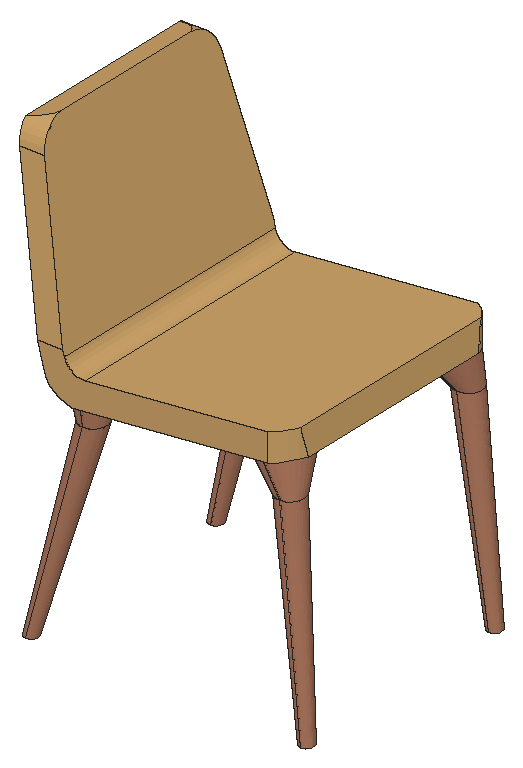
Revit family "Furniture_Chair_PIT 2 284.03", category Furniture, Revit 2019
Family settings
  OmniClass Number = 23.21.23.15.17
  Work Plane-Based = Yes
  Always vertical = No
  Cut with Voids When Loaded = No
  Shared = No
  Room Calculation Point = No
Parameters (values of type "PIT 2 284.03")
  Youtube clip = ""
  Uniformat II Description = "Movable Furnishings"
  Uniformat II Code = ""
  Uniclass 2015 Name = ""
  Uniclass 2015 Code = ""
  Uniclass 2.0 Description = ""
  Uniclass 2.0 Code = ""
  Uniclass 1.4 Description = ""
  Uniclass 1.4 Code = ""
  UNSPSC Code = ""
  Technical description = ""
  Shell Material = Leather - Sunni CPC20
  Frame Material = Wood - Oak Light Stain R 3.102
  Region South America = "All"
  Region Oceania = "All"
  Region North America = "All"
  Region Middle East = "All"
  Region Europe = "All"
  Region Asia = "All"
  Region Antarctica = "All"
  Region Africa = "All"
  QR code = "https://www.sandlerseating.com/product/pit-2-284-03/"
  Product url = "https://www.sandlerseating.com/product/pit-2-284-03/"
  Product name = "PIT 2 284.03"
  Product group = "Chair"
  Product family = "Furniture"
  Product data url = "https://www.sandlerseating.com/product/pit-2-284-03/"
  Product certification = ""
  Product SKU = "??"
  Product Guid = "??"
  OmniClass Description = ""
  OmniClass Code = "23-21 23 15 17"
  NBS Reference Description = ""
  NBS Reference Code = ""
  Model = "PIT 2 284.03"
  Masterformat 2014 Description = "Chair Mats"
  Masterformat 2014 Code = "12 48 43.13"
  Manufacturer name = "Sandler"
  Manufacturer country = "USA"
  Manufacturer = "Sandler"
  Installation instructions = ""
  IFC Classification = "Furnishing Element"
  GTIN code = ""
  Edition number = 1
  Design country = "Brasil"
  Description = "Chair"
  Default Elevation = 0.000 mm
  Date of publishing = ""
  COBIe Type Category = ""
  Brand url = "https://www.sandlerseating.com/"
  BIMobject main category code = "furniture"
  BIMobject main category = "Furniture"
  BIMobject category code = "furniture-chair"
  BIMobject category = "Chair"
Reference planes
  plane 1 "Center Front/Back": y = 0
  plane 2: z = 0
  plane 3 "Center Left/Right": x = 0
Dimensions and locks
  aligned and locked: level to plane 2
Nested families
  nested 1: "BS01 - Pit" at (0, 0, 0) x (0, 1, 0) z (0, 0, 1), Frame Material <- "Frame Material", type "BS01 - Pit"
    with Frame Material Wood - Oak Light Stain R 3.102
  nested 2: "TP01 - Pit" at (0, 0, -1.06) x (0, 1, 0) z (0, 0, 1), Seat Material <- "Shell Material", type "TP01 - Pit"
    with Seat Material Leather - Sunni CPC20
Definition of nested family "BS01 - Pit"
  Parameters (values of type "BS01 - Pit")
    Frame Material [instance] = none
  Reference planes
    plane 1 "Center (Front/Back)": y = 0
    plane 2: z = 0
    plane 3 "Center (Left/Right)": x = 0
  Forms (mm)
    Blend 1, solid, material <- "Frame Material"
      base sketch origin (0, 0, 238.7) x (-1, 0, 0) y (0, -1, 0)
        loop
          circle (184.779, 198.046) r 52.633
      top sketch origin (0, 0, 238.7) x (-1, 0, 0) y (0, -1, 0)
        loop
          circle (203.545, 227.027) r 25
      from 225.744 to 153.836
    Blend 2, solid, material <- "Frame Material"
      base sketch origin (0, 0, 238.7) x (-1, 0, 0) y (0, -1, 0)
        loop
          circle (203.545, 227.027) r 25
      top sketch origin (0, 0, 238.7) x (-1, 0, 0) y (0, -1, 0)
        loop
          circle (215.456, 265.935) r 12.937
      from 153.836 to -238.7
    Blend 3, solid, material <- "Frame Material"
      base sketch origin (0, 0, 238.7) x (-1, 0, 0) y (0, -1, 0)
        loop
          circle (190.873, -139.965) r 44.198
      top sketch origin (0, 0, 238.7) x (-1, 0, 0) y (0, -1, 0)
        loop
          circle (195.202, -139.965) r 25
      from 225.778 to 141.3
    Blend 4, solid, material <- "Frame Material"
      base sketch origin (0, 0, 238.7) x (-1, 0, 0) y (0, -1, 0)
        loop
          circle (195.202, -139.965) r 25
      top sketch origin (0, 0, 238.7) x (-1, 0, 0) y (0, -1, 0)
        loop
          circle (211.725, -241.334) r 12.647
      from 141.3 to -238.7
    Blend 5, solid, material <- "Frame Material"
      base sketch origin (0, 0, 238.7) x (1, 0, 0) y (0, 1, 0)
        loop
          circle (184.779, -198.046) r 52.633
      top sketch origin (0, 0, 238.7) x (1, 0, 0) y (0, 1, 0)
        loop
          circle (203.545, -227.027) r 25
      from 225.744 to 153.836
    Blend 6, solid, material <- "Frame Material"
      base sketch origin (0, 0, 238.7) x (1, 0, 0) y (0, 1, 0)
        loop
          circle (203.545, -227.027) r 25
      top sketch origin (0, 0, 238.7) x (1, 0, 0) y (0, 1, 0)
        loop
          circle (215.456, -265.935) r 12.937
      from 153.836 to -238.7
    Blend 7, solid, material <- "Frame Material"
      base sketch origin (0, 0, 238.7) x (1, 0, 0) y (0, 1, 0)
        loop
          circle (190.873, 139.965) r 44.198
      top sketch origin (0, 0, 238.7) x (1, 0, 0) y (0, 1, 0)
        loop
          circle (195.202, 139.965) r 25
      from 225.778 to 141.3
    Blend 8, solid, material <- "Frame Material"
      base sketch origin (0, 0, 238.7) x (1, 0, 0) y (0, 1, 0)
        loop
          circle (195.202, 139.965) r 25
      top sketch origin (0, 0, 238.7) x (1, 0, 0) y (0, 1, 0)
        loop
          circle (211.725, 241.334) r 12.647
      from 141.3 to -238.7
  Dimensions and locks
    aligned and locked: level to plane 2
Definition of nested family "TP01 - Pit"
  Parameters (values of type "TP01 - Pit")
    Seat Material [instance] = none
    Frame Material = none
  Reference planes
    plane 1 "Center (Front/Back)": y = 0
    plane 2: z = 0
    plane 3 "Center (Left/Right)": x = 0
  Forms (mm)
    Extrusion 1, solid, material <- "Seat Material"
      sketch origin (0, 0, 0) x (0, 1, 0) y (0, 0, 1)
        loop
          line (278.647, 824.903) -> (235.331, 834.903) -> (157.842, 499.264)
          arc (157.842, 499.264) -> (144.119, 478.682) -> (120.216, 472.315) r 35
          line (120.216, 472.315) -> (-248.817, 509.655) -> (-253.903, 459.397) -> (131.425, 420.407)
          arc (131.425, 420.407) -> (172.402, 431.323) -> (195.928, 466.605) r 60
          line (195.928, 466.605) -> (278.647, 824.903)
      from -240.02 to 241.264
    Extrusion 2, void
      sketch origin (0, 0, 0) x (1, 0, 0) y (0, 0, 1)
        loop
          line (-240.02, 509.655) -> (-200.963, 787.558)
          arc (-200.963, 787.558) -> (-182.582, 821.412) -> (-146.498, 834.903) r 55
          line (-146.498, 834.903) -> (146.498, 834.903)
          arc (146.498, 834.903) -> (182.582, 821.412) -> (200.963, 787.558) r 55
          line (200.963, 787.558) -> (241.264, 515.271) -> (279.98, 515.271) -> (279.98, 849.655) -> (-280.02, 849.655) -> (-280.02, 509.655) -> (-240.02, 509.655)
      from -290.602 to -153.337
    Extrusion 3, void
      sketch origin (0, 0, 238.7) x (-1, 0, 0) y (0, -1, 0)
        loop
          line (-181.264, 271.453) -> (-254.591, 271.453) -> (-254.591, 193.903) -> (-247.928, 193.903)
          arc (-247.928, 193.903) -> (-224.139, 235.613) -> (-181.264, 257.23) r 83.196
          line (-181.264, 257.23) -> (-181.264, 271.453)
        loop
          line (181.264, 271.453) -> (181.264, 257.23)
          arc (181.264, 257.23) -> (224.139, 235.613) -> (247.928, 193.903) r 83.196
          line (247.928, 193.903) -> (254.591, 193.903) -> (254.591, 271.453) -> (181.264, 271.453)
      from 200.511 to 276.571
  Cuts and joins
    Extrusion 2, Extrusion 3 cuts Extrusion 1
  Dimensions and locks
    aligned and locked: level to plane 2
